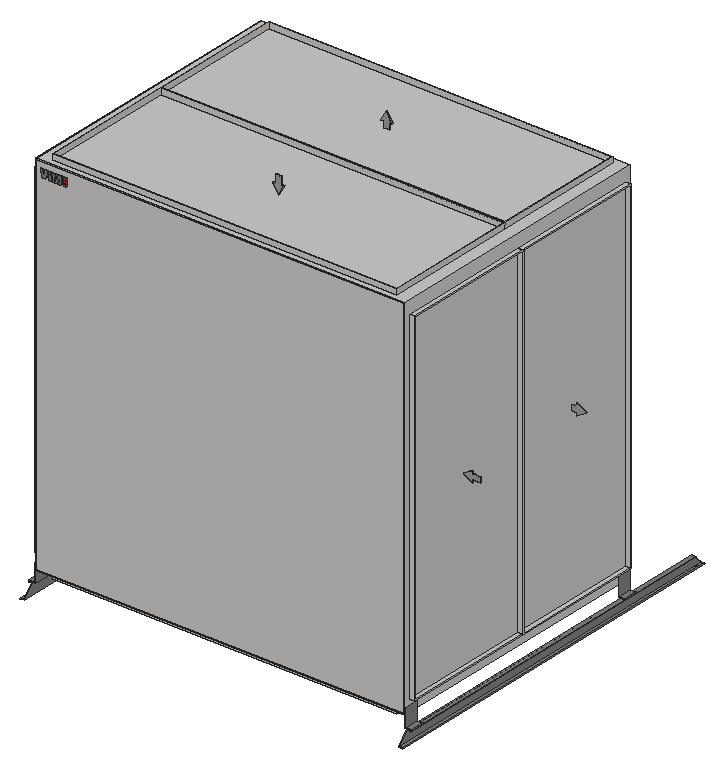
Revit family "BIM_KUBAIR F400 CC INTZ BDEZ Horizontal", category Equipement de génie climatique, Revit 2016 (continued)
Types (75, lengths in mm): name | Tension_nominale | Puissance_electrique | Prof_INTZ | Position_A_equerre | Poids | Nombre_de_phases | Modèle | KC | J | F | EC | Debit_mini | Debit_maxi | D | Courant_nominal | Code_article | C | BH | A
  KUBAIR F400 CC 450 6PT IE1 INTZ BDEZ 0,37kW Horizontal | 400 V | 370 W | 120 | 175 | "92 Kg" | "3" | "KUBAIR F400 CC 450 6PT IE1 INTZ BDEZ 0,37kW Caisson horizontal" | 1081 | 102 | 812 | 990 | "820 m³/h" | "4750 m³/h" | 711 | 1.13 A | "644626 + 660102" | 326 | 847 | 779
  KUBAIR F400 CC 450 6PT IE2 INTZ BDEZ 0,37kW Horizontal | 400 V | 370 W | 120 | 175 | "92 Kg" | "3" | "KUBAIR F400 CC 450 6PT IE2 INTZ BDEZ 0,37kW Caisson horizontal" | 1081 | 102 | 812 | 990 | "820 m³/h" | "4750 m³/h" | 711 | 1.05 A | "644630 + 660102" | 326 | 847 | 779
  KUBAIR F400 CC 450 6PT IE3 INTZ BDEZ 0,37kW Horizontal | 400 V | 370 W | 120 | 175 | "92 Kg" | "3" | "KUBAIR F400 CC 450 6PT IE3 INTZ BDEZ 0,37kW Caisson horizontal" | 1081 | 102 | 812 | 990 | "820 m³/h" | "4750 m³/h" | 711 | 1.02 A | "644634 + 660102" | 326 | 847 | 779
  KUBAIR F400 CC 450 8PT IE1 INTZ BDEZ 0,18kW Horizontal | 400 V | 180 W | 120 | 175 | "92 Kg" | "3" | "KUBAIR F400 CC 450 8PT IE1 INTZ BDEZ 0,18kW Caisson horizontal" | 1081 | 102 | 812 | 990 | "590 m³/h" | "3420 m³/h" | 711 | 0.86 A | "644638 + 660102" | 326 | 847 | 779
  KUBAIR F400 CC 450 8PT IE2 INTZ BDEZ 0,18kW Horizontal | 400 V | 180 W | 120 | 175 | "92 Kg" | "3" | "KUBAIR F400 CC 450 8PT IE2 INTZ BDEZ 0,18kW Caisson horizontal" | 1081 | 102 | 812 | 990 | "590 m³/h" | "3420 m³/h" | 711 | 0.73 A | "644642 + 660102" | 326 | 847 | 779
  KUBAIR F400 CC 450 8PT IE3 INTZ BDEZ 0,18kW Horizontal | 400 V | 180 W | 120 | 175 | "92 Kg" | "3" | "KUBAIR F400 CC 450 8PT IE3 INTZ BDEZ 0,18kW Caisson horizontal" | 1081 | 102 | 812 | 990 | "590 m³/h" | "3420 m³/h" | 711 | 0.68 A | "644646 + 660102" | 326 | 847 | 779
  KUBAIR F400 CC 450 4/6PT INTZ BDEZ 1,10/0,30kW Horizontal | 400 V | 1100 W | 120 | 175 | "94 Kg" | "3" | "KUBAIR F400 CC 450 4/6PT INTZ BDEZ 1,10/0,30kW Caisson horizontal" | 1081 | 102 | 812 | 990 | "1230 m³/h" | "7080 m³/h" | 711 | 2.84 A | "644650 + 660102" | 326 | 847 | 779
  KUBAIR F400 CC 450 4/8PT INTZ BDEZ 1,20/0,30kW Horizontal | 400 V | 1200 W | 120 | 175 | "94 Kg" | "3" | "KUBAIR F400 CC 450 4/8PT INTZ BDEZ 1,20/0,30kW Caisson horizontal" | 1081 | 102 | 812 | 990 | "1230 m³/h" | "7080 m³/h" | 711 | 2.92 A | "644654 + 660102" | 326 | 847 | 779
  KUBAIR F400 CC 450 6/8PT INTZ BDEZ 0,37/0,20kW Horizontal | 400 V | 370 W | 120 | 175 | "94 Kg" | "3" | "KUBAIR F400 CC 450 6/8PT INTZ BDEZ 0,37/0,20kW Caisson horizontal" | 1081 | 102 | 812 | 990 | "820 m³/h" | "4750 m³/h" | 711 | 1.4 A | "644658 + 660102" | 326 | 847 | 779
  KUBAIR F400 CC 500 6PM INTZ BDEZ 0,37kW Horizontal | 230 V | 370 W | 120 | 175 | "114 Kg" | "1" | "KUBAIR F400 CC 500 6PM INTZ BDEZ 0,37kW Caisson horizontal" | 1145 | 112 | 890 | 1039 | "920 m³/h" | "5960 m³/h" | 768 | 3 A | "644662 + 660103" | 338 | 925 | 858
  KUBAIR F400 CC 500 4PT IE2 INTZ BDEZ 1,5kW Horizontal | 400 V | 1500 W | 120 | 175 | "114 Kg" | "3" | "KUBAIR F400 CC 500 4PT IE2 INTZ BDEZ 1,5kW Caisson horizontal" | 1145 | 112 | 890 | 1039 | "1370 m³/h" | "8850 m³/h" | 768 | 3.26 A | "644666 + 660103" | 338 | 925 | 858
  KUBAIR F400 CC 500 4PT IE3 INTZ BDEZ 1,5kW Horizontal | 400 V | 1500 W | 120 | 175 | "114 Kg" | "3" | "KUBAIR F400 CC 500 4PT IE3 INTZ BDEZ 1,5kW Caisson horizontal" | 1145 | 112 | 890 | 1039 | "1370 m³/h" | "8850 m³/h" | 768 | 3.15 A | "644670 + 660103" | 338 | 925 | 858
  KUBAIR F400 CC 500 6PT IE1 INTZ BDEZ 0,55kW Horizontal | 400 V | 550 W | 120 | 175 | "114 Kg" | "3" | "KUBAIR F400 CC 500 6PT IE1 INTZ BDEZ 0,55kW Caisson horizontal" | 1145 | 112 | 890 | 1039 | "920 m³/h" | "5960 m³/h" | 768 | 1.62 A | "644674 + 660103" | 338 | 925 | 858
  KUBAIR F400 CC 500 6PT IE2 INTZ BDEZ 0,55kW Horizontal | 400 V | 550 W | 120 | 175 | "114 Kg" | "3" | "KUBAIR F400 CC 500 6PT IE2 INTZ BDEZ 0,55kW Caisson horizontal" | 1145 | 112 | 890 | 1039 | "920 m³/h" | "5960 m³/h" | 768 | 1.49 A | "644678 + 660103" | 338 | 925 | 858
  KUBAIR F400 CC 500 6PT IE3 INTZ BDEZ 0,55kW Horizontal | 400 V | 550 W | 120 | 175 | "114 Kg" | "3" | "KUBAIR F400 CC 500 6PT IE3 INTZ BDEZ 0,55kW Caisson horizontal" | 1145 | 112 | 890 | 1039 | "920 m³/h" | "5960 m³/h" | 768 | 1.45 A | "644682 + 660103" | 338 | 925 | 858
  KUBAIR F400 CC 500 8PT IE1 INTZ BDEZ 0,18kW Horizontal | 400 V | 180 W | 120 | 175 | "114 Kg" | "3" | "KUBAIR F400 CC 500 8PT IE1 INTZ BDEZ 0,18kW Caisson horizontal" | 1145 | 112 | 890 | 1039 | "660 m³/h" | "4280 m³/h" | 768 | 0.86 A | "644686 + 660103" | 338 | 925 | 858
  KUBAIR F400 CC 500 8PT IE2 INTZ BDEZ 0,18kW Horizontal | 400 V | 180 W | 120 | 175 | "114 Kg" | "3" | "KUBAIR F400 CC 500 8PT IE2 INTZ BDEZ 0,18kW Caisson horizontal" | 1145 | 112 | 890 | 1039 | "660 m³/h" | "4280 m³/h" | 768 | 0.73 A | "644690 + 660103" | 338 | 925 | 858
  KUBAIR F400 CC 500 8PT IE3 INTZ BDEZ 0,18kW Horizontal | 400 V | 180 W | 120 | 175 | "114 Kg" | "3" | "KUBAIR F400 CC 500 8PT IE3 INTZ BDEZ 0,18kW Caisson horizontal" | 1145 | 112 | 890 | 1039 | "660 m³/h" | "4280 m³/h" | 768 | 0.68 A | "644694 + 660103" | 338 | 925 | 858
  KUBAIR F400 CC 500 4/6PT INTZ BDEZ 1,50/0,37kW Horizontal | 400 V | 1500 W | 120 | 175 | "116 Kg" | "3" | "KUBAIR F400 CC 500 4/6PT INTZ BDEZ 1,50/0,37kW Caisson horizontal" | 1145 | 112 | 890 | 1039 | "1370 m³/h" | "8850 m³/h" | 768 | 3.65 A | "644698 + 660103" | 338 | 925 | 858
  KUBAIR F400 CC 500 4/8PT INTZ BDEZ 1,60/0,40kW Horizontal | 400 V | 1600 W | 120 | 175 | "116 Kg" | "3" | "KUBAIR F400 CC 500 4/8PT INTZ BDEZ 1,60/0,40kW Caisson horizontal" | 1145 | 112 | 890 | 1039 | "1370 m³/h" | "8850 m³/h" | 768 | 3.85 A | "644702 + 660103" | 338 | 925 | 858
  KUBAIR F400 CC 500 6/8PT INTZ BDEZ 0,55/0,37kW Horizontal | 400 V | 550 W | 120 | 175 | "116 Kg" | "3" | "KUBAIR F400 CC 500 6/8PT INTZ BDEZ 0,55/0,37kW Caisson horizontal" | 1145 | 112 | 890 | 1039 | "920 m³/h" | "5960 m³/h" | 768 | 1.89 A | "644706 + 660103" | 338 | 925 | 858
  KUBAIR F400 CC 560 4PT IE2 INTZ BDEZ 2,2kW Horizontal | 400 V | 2200 W | 120 | 213 | "159 Kg" | "3" | "KUBAIR F400 CC 560 4PT IE2 INTZ BDEZ 2,2kW Caisson horizontal" | 1178 | 112 | 986 | 1139 | "1520 m³/h" | "11330 m³/h" | 864 | 4.8 A | "644710 + 660104" | 354 | 1021 | 954
  KUBAIR F400 CC 560 4PT IE3 INTZ BDEZ 2,2kW Horizontal | 400 V | 2200 W | 120 | 213 | "159 Kg" | "3" | "KUBAIR F400 CC 560 4PT IE3 INTZ BDEZ 2,2kW Caisson horizontal" | 1178 | 112 | 986 | 1139 | "1520 m³/h" | "11330 m³/h" | 864 | 4.56 A | "644714 + 660104" | 354 | 1021 | 954
  KUBAIR F400 CC 560 6PT IE2 INTZ BDEZ 0,75kW Horizontal | 400 V | 750 W | 120 | 213 | "159 Kg" | "3" | "KUBAIR F400 CC 560 6PT IE2 INTZ BDEZ 0,75kW Caisson horizontal" | 1178 | 112 | 986 | 1139 | "1020 m³/h" | "7630 m³/h" | 864 | 1.95 A | "644718 + 660104" | 354 | 1021 | 954
  KUBAIR F400 CC 560 6PT IE3 INTZ BDEZ 0,75kW Horizontal | 400 V | 750 W | 120 | 213 | "159 Kg" | "3" | "KUBAIR F400 CC 560 6PT IE3 INTZ BDEZ 0,75kW Caisson horizontal" | 1178 | 112 | 986 | 1139 | "1020 m³/h" | "7630 m³/h" | 864 | 1.93 A | "644722 + 660104" | 354 | 1021 | 954
  KUBAIR F400 CC 560 8PT IE1 INTZ BDEZ 0,37kW Horizontal | 400 V | 370 W | 120 | 213 | "159 Kg" | "3" | "KUBAIR F400 CC 560 8PT IE1 INTZ BDEZ 0,37kW Caisson horizontal" | 1178 | 112 | 986 | 1139 | "740 m³/h" | "5490 m³/h" | 864 | 1.45 A | "644726 + 660104" | 354 | 1021 | 954
  KUBAIR F400 CC 560 8PT IE2 INTZ BDEZ 0,37kW Horizontal | 400 V | 370 W | 120 | 213 | "159 Kg" | "3" | "KUBAIR F400 CC 560 8PT IE2 INTZ BDEZ 0,37kW Caisson horizontal" | 1178 | 112 | 986 | 1139 | "740 m³/h" | "5490 m³/h" | 864 | 1.39 A | "644730 + 660104" | 354 | 1021 | 954
  KUBAIR F400 CC 560 8PT IE3 INTZ BDEZ 0,37kW Horizontal | 400 V | 370 W | 120 | 213 | "159 Kg" | "3" | "KUBAIR F400 CC 560 8PT IE3 INTZ BDEZ 0,37kW Caisson horizontal" | 1178 | 112 | 986 | 1139 | "740 m³/h" | "5490 m³/h" | 864 | 1.31 A | "644734 + 660104" | 354 | 1021 | 954
  KUBAIR F400 CC 560 4/6PT INTZ BDEZ 2,20/0,70kW Horizontal | 400 V | 2200 W | 120 | 213 | "161 Kg" | "3" | "KUBAIR F400 CC 560 4/6PT INTZ BDEZ 2,20/0,70kW Caisson horizontal" | 1178 | 112 | 986 | 1139 | "1520 m³/h" | "11330 m³/h" | 864 | 4.91 A | "644738 + 660104" | 354 | 1021 | 954
  KUBAIR F400 CC 560 4/8PT INTZ BDEZ 2,20/0,55kW Horizontal | 400 V | 2200 W | 120 | 213 | "161 Kg" | "3" | "KUBAIR F400 CC 560 4/8PT INTZ BDEZ 2,20/0,55kW Caisson horizontal" | 1178 | 112 | 986 | 1139 | "1520 m³/h" | "11330 m³/h" | 864 | 4.84 A | "644742 + 660104" | 354 | 1021 | 954
  KUBAIR F400 CC 560 6/8PT INTZ BDEZ 0,75/0,37kW Horizontal | 400 V | 750 W | 120 | 213 | "161 Kg" | "3" | "KUBAIR F400 CC 560 6/8PT INTZ BDEZ 0,75/0,37kW Caisson horizontal" | 1178 | 112 | 986 | 1139 | "1020 m³/h" | "7630 m³/h" | 864 | 2.42 A | "644746 + 660104" | 354 | 1021 | 954
  KUBAIR F400 CC 630 6PT IE2 INTZ BDEZ 1,1kW Horizontal | 400 V | 1100 W | 120 | 213 | "162 Kg" | "3" | "KUBAIR F400 CC 630 6PT IE2 INTZ BDEZ 1,1kW Caisson horizontal" | 1273 | 112 | 1098 | 1183 | "1150 m³/h" | "10000 m³/h" | 977 | 2.78 A | "644750 + 660105" | 403 | 1133 | 1066
  KUBAIR F400 CC 630 6PT IE3 INTZ BDEZ 1,1kW Horizontal | 400 V | 1100 W | 120 | 213 | "162 Kg" | "3" | "KUBAIR F400 CC 630 6PT IE3 INTZ BDEZ 1,1kW Caisson horizontal" | 1273 | 112 | 1098 | 1183 | "1150 m³/h" | "10000 m³/h" | 977 | 2.69 A | "644754 + 660105" | 403 | 1133 | 1066
  KUBAIR F400 CC 630 8PT IE1 INTZ BDEZ 0,55kW Horizontal | 400 V | 550 W | 120 | 213 | "163 Kg" | "3" | "KUBAIR F400 CC 630 8PT IE1 INTZ BDEZ 0,55kW Caisson horizontal" | 1273 | 112 | 1098 | 1183 | "860 m³/h" | "7270 m³/h" | 977 | 2.01 A | "644758 + 660105" | 403 | 1133 | 1066
  KUBAIR F400 CC 630 8PT IE2 INTZ BDEZ 0,55kW Horizontal | 400 V | 550 W | 120 | 213 | "163 Kg" | "3" | "KUBAIR F400 CC 630 8PT IE2 INTZ BDEZ 0,55kW Caisson horizontal" | 1273 | 112 | 1098 | 1183 | "860 m³/h" | "7270 m³/h" | 977 | 1.88 A | "644762 + 660105" | 403 | 1133 | 1066
  KUBAIR F400 CC 630 8PT IE3 INTZ BDEZ 0,55kW Horizontal | 400 V | 550 W | 120 | 213 | "163 Kg" | "3" | "KUBAIR F400 CC 630 8PT IE3 INTZ BDEZ 0,55kW Caisson horizontal" | 1273 | 112 | 1098 | 1183 | "860 m³/h" | "7270 m³/h" | 977 | 1.78 A | "644766 + 660105" | 403 | 1133 | 1066
  KUBAIR F400 CC 630 6/8PT INTZ BDEZ 1,10/0,55kW Horizontal | 400 V | 1100 W | 120 | 213 | "164 Kg" | "3" | "KUBAIR F400 CC 630 6/8PT INTZ BDEZ 1,10/0,55kW Caisson horizontal" | 1273 | 112 | 1098 | 1183 | "1150 m³/h" | "10000 m³/h" | 977 | 3.54 A | "644770 + 660105" | 403 | 1133 | 1066
  KUBAIR F400 CC 630 6/12PT INTZ BDEZ 1,10/0,22kW Horizontal | 400 V | 1100 W | 120 | 213 | "164 Kg" | "3" | "KUBAIR F400 CC 630 6/12PT INTZ BDEZ 1,10/0,22kW Caisson horizontal" | 1273 | 112 | 1098 | 1183 | "1150 m³/h" | "10000 m³/h" | 977 | 4 A | "644774 + 660105" | 403 | 1133 | 1066
  KUBAIR F400 CC 710 6PT IE2 INTZ BDEZ 3,0kW Horizontal | 400 V | 3000 W | 120 | 234 | "264 Kg" | "3" | "KUBAIR F400 CC 710 6PT IE2 INTZ BDEZ 3,0kW Caisson horizontal" | 1488 | 112 | 1226 | 1325 | "420 m³/h" | "18900 m³/h" | 1104 | 7.3 A | "644778 + 660106" | 462 | 1261 | 1194
  KUBAIR F400 CC 710 6PT IE3 INTZ BDEZ 3,0kW Horizontal | 400 V | 3000 W | 120 | 234 | "264 Kg" | "3" | "KUBAIR F400 CC 710 6PT IE3 INTZ BDEZ 3,0kW Caisson horizontal" | 1488 | 112 | 1226 | 1325 | "420 m³/h" | "18900 m³/h" | 1104 | 6.91 A | "644782 + 660106" | 462 | 1261 | 1194
  KUBAIR F400 CC 710 8PT IE1 INTZ BDEZ 2,2kW Horizontal | 400 V | 2200 W | 120 | 234 | "265 Kg" | "3" | "KUBAIR F400 CC 710 8PT IE1 INTZ BDEZ 2,2kW Caisson horizontal" | 1488 | 112 | 1226 | 1325 | "300 m³/h" | "13600 m³/h" | 1104 | 5.35 A | "644786 + 660106" | 462 | 1261 | 1194
  KUBAIR F400 CC 710 8PT IE2 INTZ BDEZ 2,2kW Horizontal | 400 V | 2200 W | 120 | 234 | "265 Kg" | "3" | "KUBAIR F400 CC 710 8PT IE2 INTZ BDEZ 2,2kW Caisson horizontal" | 1488 | 112 | 1226 | 1325 | "300 m³/h" | "13600 m³/h" | 1104 | 5.44 A | "644790 + 660106" | 462 | 1261 | 1194
  KUBAIR F400 CC 710 8PT IE3 INTZ BDEZ 2,2kW Horizontal | 400 V | 2200 W | 120 | 234 | "265 Kg" | "3" | "KUBAIR F400 CC 710 8PT IE3 INTZ BDEZ 2,2kW Caisson horizontal" | 1488 | 112 | 1226 | 1325 | "300 m³/h" | "13600 m³/h" | 1104 | 5.34 A | "644794 + 660106" | 462 | 1261 | 1194
  KUBAIR F400 CC 710 6/8PT INTZ BDEZ 3,00/0,75kW Horizontal | 400 V | 3000 W | 120 | 234 | "266 Kg" | "3" | "KUBAIR F400 CC 710 6/8PT INTZ BDEZ 3,00/0,75kW Caisson horizontal" | 1488 | 112 | 1226 | 1325 | "420 m³/h" | "18900 m³/h" | 1104 | 8.04 A | "644798 + 660106" | 462 | 1261 | 1194
  KUBAIR F400 CC 710 6/12PT INTZ BDEZ 4,0/1,0kW Horizontal | 400 V | 4000 W | 120 | 234 | "266 Kg" | "3" | "KUBAIR F400 CC 710 6/12PT INTZ BDEZ 4,0/1,0kW Caisson horizontal" | 1488 | 112 | 1226 | 1325 | "420 m³/h" | "18900 m³/h" | 1104 | 12.6 A | "644802 + 660106" | 462 | 1261 | 1194
  KUBAIR F400 CC 800 6PT IE2 INTZ BDEZ 4,0kW Horizontal | 400 V | 4000 W | 120 | 234 | "307 Kg" | "3" | "KUBAIR F400 CC 800 6PT IE2 INTZ BDEZ 4,0kW Caisson horizontal" | 1540 | 127 | 1370 | 1379 | "660 m³/h" | "23390 m³/h" | 1248 | 9.46 A | "644806 + 660107" | 488 | 1420 | 1338
  KUBAIR F400 CC 800 6PT IE3 INTZ BDEZ 4,0kW Horizontal | 400 V | 4000 W | 120 | 234 | "307 Kg" | "3" | "KUBAIR F400 CC 800 6PT IE3 INTZ BDEZ 4,0kW Caisson horizontal" | 1540 | 127 | 1370 | 1379 | "660 m³/h" | "23390 m³/h" | 1248 | 8.99 A | "644810 + 660107" | 488 | 1420 | 1338
  KUBAIR F400 CC 800 8PT IE1 INTZ BDEZ 2,2kW Horizontal | 400 V | 2200 W | 120 | 234 | "308 Kg" | "3" | "KUBAIR F400 CC 800 8PT IE1 INTZ BDEZ 2,2kW Caisson horizontal" | 1540 | 127 | 1370 | 1379 | "480 m³/h" | "16910 m³/h" | 1248 | 5.35 A | "644814 + 660107" | 488 | 1420 | 1338
  KUBAIR F400 CC 800 8PT IE2 INTZ BDEZ 2,2kW Horizontal | 400 V | 2200 W | 120 | 234 | "308 Kg" | "3" | "KUBAIR F400 CC 800 8PT IE2 INTZ BDEZ 2,2kW Caisson horizontal" | 1540 | 127 | 1370 | 1379 | "480 m³/h" | "16910 m³/h" | 1248 | 5.44 A | "644818 + 660107" | 488 | 1420 | 1338
  KUBAIR F400 CC 800 8PT IE3 INTZ BDEZ 2,2kW Horizontal | 400 V | 2200 W | 120 | 234 | "308 Kg" | "3" | "KUBAIR F400 CC 800 8PT IE3 INTZ BDEZ 2,2kW Caisson horizontal" | 1540 | 127 | 1370 | 1379 | "480 m³/h" | "16910 m³/h" | 1248 | 5.34 A | "644822 + 660107" | 488 | 1420 | 1338
  KUBAIR F400 CC 800 6/8PT INTZ BDEZ 4,0/1,1kW Horizontal | 400 V | 4000 W | 120 | 234 | "309 Kg" | "3" | "KUBAIR F400 CC 800 6/8PT INTZ BDEZ 4,0/1,1kW Caisson horizontal" | 1540 | 127 | 1370 | 1379 | "660 m³/h" | "23390 m³/h" | 1248 | 16.2 A | "644826 + 660107" | 488 | 1420 | 1338
  KUBAIR F400 CC 800 6/12PT INTZ BDEZ 4,0/1,0kW Horizontal | 400 V | 4000 W | 120 | 234 | "309 Kg" | "3" | "KUBAIR F400 CC 800 6/12PT INTZ BDEZ 4,0/1,0kW Caisson horizontal" | 1540 | 127 | 1370 | 1379 | "660 m³/h" | "23390 m³/h" | 1248 | 12.6 A | "644830 + 660107" | 488 | 1420 | 1338
